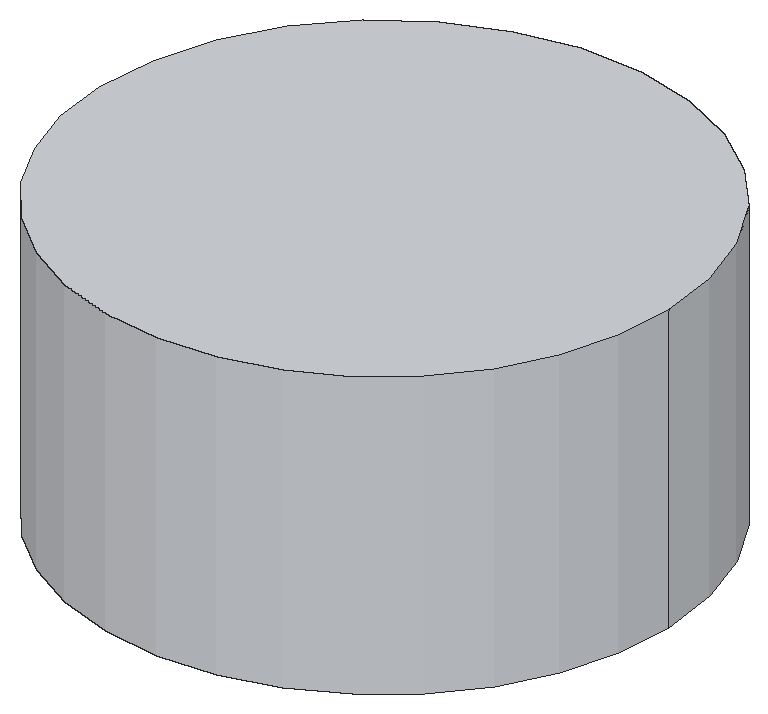
Revit family "09311600", category Specialty Equipment, Revit 2020
Family settings
  Round Connector Dimension = Use Diameter
  Part Type = Normal
  OmniClass Number = 23.40.40.14
  OmniClass Title = Food Service Equipment
  Work Plane-Based = No
  Always vertical = Yes
  Cut with Voids When Loaded = No
  Shared = No
  Room Calculation Point = No
Parameters (values of type "Standard")
  URL = "https://www.rustfriebergh.no/produkter/vannbad-varmeskap-varmeri/varmeskap-med-n-ytral-topp-vsr-k/"
  Model = "09311600"
  Manufacturer = "RUSTFRIE BERGH AS"
  Description = "VSR 1600-K"
  Default Elevation = 0 mm
Reference planes
  plane 1 "Center (Front/Back)": y = 0
  plane 2: z = 0
  plane 3 "Center (Left/Right)": x = 0
Forms (mm)
  Extrusion 1, solid
    sketch origin (696.5, 118.5, 148.5) x (0, 1, 0) y (1, 0, 0)
      loop
        circle (0, 0) r 3.048
    from 0 to -3.048
Dimensions and locks
  aligned and locked: level to plane 2
Connectors
  electrical at (696.5, 118.5, 148.5)
    settings: on Extrusion 1, index 1, voltage 230 V, apparent load 775 VA, apparent load phase1 0 VA, apparent load phase2 0 VA, apparent load phase3 0 VA, power factor 0, load classification "Other", number of poles 1, system type 30, power factor state 1, is connector primary yes, connector utility no, sub classification motor no, connector description "230V 50/60HZ 3,37A"
